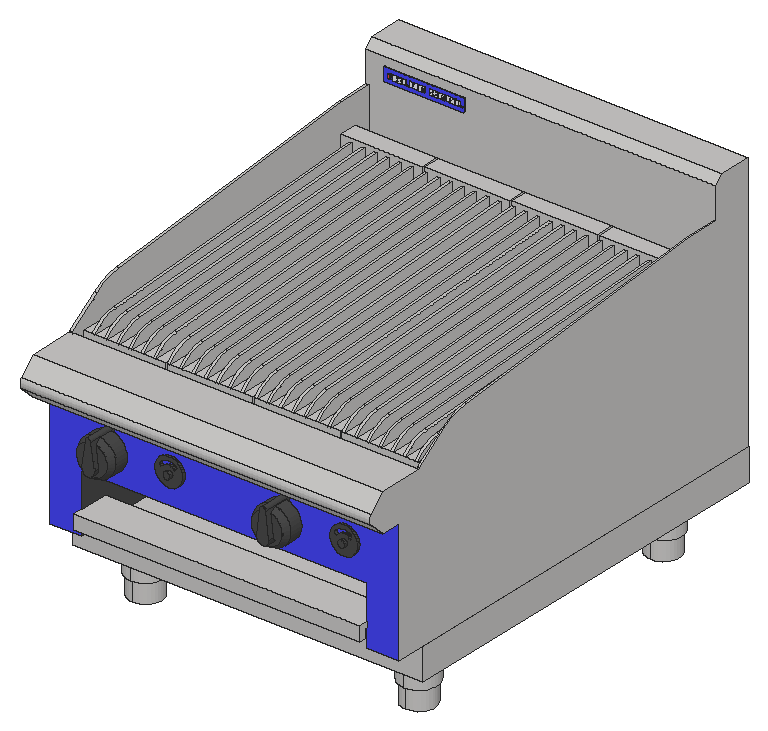
Revit family "QF_MOFFAT_BLUESEAL_CE_G594-B", category Specialty Equipment, Revit 2012 (continued)
Definition of nested family "WALDORF LOGO_FACE BASE"
  Forms (mm)
    Extrusion 3, solid, material "QF_Finishes_White", visible <- "Show Logo"
      sketch origin (0, -33.217, 1.588) x (1, 0, 0) y (0, 1, 0)
        loop
          arc (55.71, 17.163) -> (57.045, 17.716) -> (57.598, 19.051) r 1.887
          line (57.598, 19.051) -> (57.598, 25.919)
        loop
          line (31.62, 25.919) -> (31.62, 17.163) -> (43.046, 17.163) -> (43.046, 19.129) -> (37.388, 19.129) -> (37.388, 25.919) -> (31.62, 25.919)
        loop
          line (15.969, 25.919) -> (15.969, 17.163) -> (28.693, 17.163)
          arc (28.693, 17.163) -> (29.812, 17.627) -> (30.276, 18.746) r 1.582
          line (30.276, 18.746) -> (30.276, 20.447) -> (29.48, 21.243) -> (30.276, 22.039) -> (30.276, 24.332)
          arc (30.276, 24.332) -> (29.811, 25.454) -> (28.688, 25.919) r 1.587
          line (28.688, 25.919) -> (15.969, 25.919)
        loop
          line (21.449, 24.159) -> (21.449, 22.436) -> (23.862, 22.436)
          arc (23.862, 22.436) -> (24.723, 23.298) -> (23.862, 24.159) r 0.861
          line (23.862, 24.159) -> (21.449, 24.159)
        loop
          line (21.449, 20.244) -> (21.449, 18.522) -> (23.862, 18.522)
          arc (23.862, 18.522) -> (24.723, 19.383) -> (23.862, 20.244) r 0.861
          line (23.862, 20.244) -> (21.449, 20.244)
      from 0 to 0.2
    Extrusion 4, solid, material "QF_Finishes_Blue", visible <- "Show Logo"
      sketch origin (-126.498, -31.09, 1.588) x (1, 0, 0) y (0, 1, 0)
        loop
          line (136.738, 23.522) -> (136.738, 15.1)
          arc (136.738, 15.1) -> (140.756, 19.311) -> (136.738, 23.522) r 4.216
      from 0 to 0.2
    Extrusion 5, solid, material "QF_Finishes_Red", visible <- "Show Logo"
      sketch origin (146.849, -31.09, 1.588) x (-1, 0, 0) y (0, -1, 0)
        loop
          arc (136.738, -23.522) -> (140.756, -19.311) -> (136.738, -15.1) r 4.216
          line (136.738, -15.1) -> (136.738, -23.522)
      from 0 to 0.2
  Lines and regions (mm)
    Split face 1
      outline origin (-90.35, -30.793, 1.588) x (1, 0, 0) y (0, 1, 0)
        loop
          circle (100.54, 19.013) r 4.536
  Dimensions and locks
    aligned and locked: plane 2 to Extrusion 1
    aligned and locked: level to Extrusion 1
